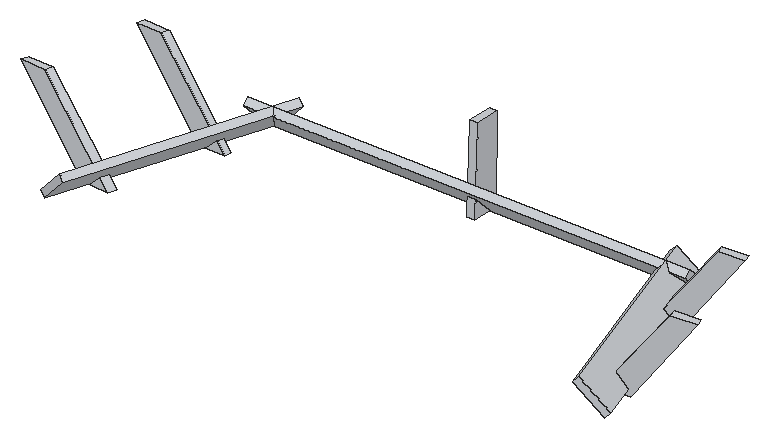
Revit family
Parameters
  chair_WIDTH = 680 mm
  chair_DEPTH = 830 mm
  aa_width_next [instance] = if(BOARD width * cos(TORSION_next) < 80 mm, 80 mm, BOARD width * cos(TORSION_next))  # 128.558 mm
  aa_width [instance] = if(BOARD width * cos(TORSION) < 80 mm, 80 mm, BOARD width * cos(TORSION))  # 141.421 mm
  aa_spine plane1 [instance] = (40 mm * sin(SLIDING xy) + 200 mm) * cos(SLIDING xy)  # 201.612 mm
  aa_real width [instance] = BOARD width * cos(TORSION)  # 141.421 mm
  aa_height [instance] = BOARD width * sin(TORSION)  # 141.421 mm
  TORSION_next [instance] = 5.00° * (MARKER + 1) + 10.00°  # 50.00°
  TORSION [instance] = 5.00° * (MARKER) + 10.00°  # 45.00°
  SLIDING xy_next [instance] = 10.00° * (1 + sin((MARKER + 1) * 60.00°))  # 18.6603°
  SLIDING xy [instance] = 10.00° * (1 + sin((MARKER) * 60.00°))  # 18.6603°
  OFFSET_lat_next [instance] = 2 mm * (MARKER + 1) ^ 3  # 1024 mm
  OFFSET_lat [instance] = 2 mm * MARKER ^ 3  # 686 mm
  OFFSET_back_next [instance] = 20 mm * (MARKER + 1)  # 160 mm
  OFFSET_back [instance] = 20 mm * MARKER  # 140 mm
  MARKER [instance] = 7
  HEIGHT_next [instance] = 30 mm * (MARKER + 1) ^ 2  # 1920 mm
  HEIGHT [instance] = 30 mm * MARKER ^ 2  # 1470 mm
  BOARD width [instance] = 200 mm
Reference planes
  plane 1 "Centro (Fronte/Retro)": y = 0
  plane 2: z = 0
  plane 3 "Centro (Sinistra/Destra)": x = 0
  plane 4: x = 680
  plane 5: y = -830
  plane 6: through (0, 0, 1200) normal (0.9474, -0.32, 0)
  plane 7: through (680, 0, 1200) normal (0.9474, 0.32, 0)
  plane 8 "left boundary": through (-622.656, 300.276, 1200) normal (0.9474, -0.32, 0)
  plane 9 "right boundary": through (1304.181, 295.762, 1200) normal (0.9474, 0.32, 0)
  plane 10 "back boundary": y = 140
  plane 11: x = 340
  plane 12 "rib base": z = 1470
  plane 13: z = 1611.421
  plane 14: y = 281.421
  plane 15 "spine plane1": y = -628.388
  plane 16 "rib +1": z = 1920
  plane 17 "testa spine": through (-809.298, -127.376, 1200) normal (0.9474, -0.32, 0)
  plane 18 "real spine plane": through (-123.045, -628.184, 1200) normal (-0.0523, -0.9986, 0)
  plane 19: through (0, 0, 1200) normal (0.9474, -0.32, 0)
  plane 20: through (-922.487, 468.833, 1200) normal (0.9474, -0.32, 0)
  plane 21: through (-1321.844, -525.302, 1200) normal (0.0523, 0.9986, 0)
  plane 22: y = -40
  plane 23: through (2001.844, -525.302, 1200) normal (0.0523, -0.9986, 0)
  plane 24: through (803.045, -628.184, 1200) normal (-0.0523, 0.9986, 0)
  plane 25: through (1141.066, 903.783, 1200) normal (0.9474, 0.32, 0)
  plane 26: through (680, 0, 1200) normal (0.9474, 0.32, 0)
  plane 27: through (1530.279, 682.651, 1200) normal (0.9474, 0.32, 0)
  plane 28: through (-92.245, -40.472, 1200) normal (-0.0523, -0.9986, 0)
  plane 29: through (-1009.261, -32.468, 1200) normal (0.0523, 0.9986, 0)
  plane 30: through (772.245, -40.472, 1200) normal (-0.0523, 0.9986, 0)
  plane 31: through (1689.261, -32.468, 1200) normal (0.0523, -0.9986, 0)
  plane 32: y = 160
  plane 33: y = 288.558
  plane 34: through (1248.575, 1027.438, 1200) normal (0.9474, 0.32, 0)
  plane 35: through (-1016.423, -423.718, 1200) normal (0.9474, -0.32, 0)
  plane 36: through (1283.638, 798.594, 600) normal (0.9474, 0.32, 0)
  plane 37: y = 281.421
Forms (mm)
  Extrusion 1, void
    sketch origin (0, 0, 0) x (1, 0, 0) y (0, 1, 0)
      loop
        line (-676.783, 140) -> (1356.783, 140) -> (1684.36, -830) -> (1818.347, -784.751) -> (1458.292, 281.421) -> (-778.292, 281.421) -> (-1138.347, -784.751) -> (-1004.36, -830) -> (-676.783, 140)
    from 0 to 1470
  Blend 2, solid
    base sketch origin (0, 0, 1470) x (-1, 0, 0) y (0, -1, 0)
      loop
        line (1096.929, 537.09) -> (1110.221, 576.448) -> (963.549, 584.135) -> (950.257, 544.776) -> (1096.929, 537.09)
    top sketch origin (0, 0, 1470) x (-1, 0, 0) y (0, -1, 0)
      loop
        line (1447.429, 558.776) -> (1314.098, 565.763) -> (1300.806, 526.405) -> (1434.137, 519.417) -> (1447.429, 558.776)
    from 0 to 450
  Blend 3, solid
    base sketch origin (0, 0, 1470) x (-1, 0, 0) y (0, -1, 0)
      loop
        line (927.953, 36.729) -> (781.281, 44.416) -> (779.188, 4.47) -> (914.662, -2.629) -> (927.953, 36.729)
    top sketch origin (0, 0, 1470) x (-1, 0, 0) y (0, -1, 0)
      loop
        line (1251.87, -20.302) -> (1265.161, 19.057) -> (1131.831, 26.044) -> (1118.539, -13.314) -> (1251.87, -20.302)
    from 0 to 450
  Blend 4, solid
    base sketch origin (0, 0, 1470) x (-1, 0, 0) y (0, -1, 0)
      loop
        line (-320, -321.421) -> (-320, -180) -> (-360, -180) -> (-360, -321.421) -> (-320, -321.421)
    top sketch origin (0, 0, 1470) x (-1, 0, 0) y (0, -1, 0)
      loop
        line (-320, -328.558) -> (-320, -200) -> (-360, -200) -> (-360, -328.558) -> (-320, -328.558)
    from 0 to 450
  Blend 5, solid
    base sketch origin (0, 0, 1470) x (-1, 0, 0) y (0, -1, 0)
      loop
        line (-1630.257, 544.776) -> (-1643.549, 584.135) -> (-1790.221, 576.448) -> (-1776.929, 537.09) -> (-1630.257, 544.776)
    top sketch origin (0, 0, 1470) x (-1, 0, 0) y (0, -1, 0)
      loop
        line (-1980.806, 526.405) -> (-1994.098, 565.763) -> (-2127.429, 558.776) -> (-2114.137, 519.417) -> (-1980.806, 526.405)
    from 0 to 450
  Blend 6, solid
    base sketch origin (0, 0, 1470) x (-1, 0, 0) y (0, -1, 0)
      loop
        line (-1447.989, 5.057) -> (-1461.281, 44.416) -> (-1607.953, 36.729) -> (-1594.662, -2.629) -> (-1447.989, 5.057)
    top sketch origin (0, 0, 1470) x (-1, 0, 0) y (0, -1, 0)
      loop
        line (-1945.161, 19.057) -> (-1931.87, -20.302) -> (-1798.539, -13.314) -> (-1811.831, 26.044) -> (-1945.161, 19.057)
    from 0 to 450
  Extrusion 7, void
    sketch origin (0, 0, 1470) x (-1, 0, 0) y (0, -1, 0)
      loop
        line (1138.347, 784.751) -> (1177.833, 901.674) -> (1043.846, 946.922) -> (1004.36, 830) -> (1138.347, 784.751)
    from 0 to 141.421
  Extrusion 8, void
    sketch origin (0, 0, 1920) x (-1, 0, 0) y (0, -1, 0)
      loop
        line (-1684.36, 830) -> (-1723.846, 946.922) -> (-1857.833, 901.674) -> (-1818.347, 784.751) -> (-1684.36, 830)
    from -450 to -308.579
  Extrusion 9, void
    sketch origin (-1004.36, -830, 1470) x (0.947432, -0.319956, 0) y (0, 0, -1)
      loop
        line (-141.421, 0) -> (0, -141.421) -> (0, 0) -> (-141.421, 0)
    from 0 to 1173.088
  Extrusion 10, void
    sketch origin (0, 0, 0) x (0, 1, 0) y (0, 0, 1)
      loop
        line (140, 1470) -> (281.421, 1470) -> (140, 1611.421) -> (140, 1470)
    from -826.051 to 1506.051
  Extrusion 11, solid
    sketch origin (0, 281.421, 1470) x (0, -0.707107, 0.707107) y (-1, 0, 0)
      loop
        line (200, 826.051) -> (0, 826.051) -> (0, -1506.051) -> (200, -1506.051) -> (200, 826.051)
    from 0 to -40
  Extrusion 12, void
    sketch origin (1684.36, -830, 1920) x (-0.947432, -0.319956, 0) y (0, 0, 1)
      loop
        line (-141.421, -450) -> (0, -450) -> (0, -308.579) -> (-141.421, -450)
    from 0 to 1173.088
  Extrusion 13, solid
    sketch origin (1818.347, -784.751, 1470) x (-0.669936, -0.226243, 0.707107) y (-0.319956, 0.947432, 0)
      loop
        line (200, 0) -> (200, 1173.088) -> (0, 1173.088) -> (0, 0) -> (200, 0)
    from 0 to -40
  Extrusion 14, solid
    sketch origin (-1138.347, -784.751, 1470) x (0.669936, -0.226243, 0.707107) y (-0.319956, -0.947432, 0)
      loop
        line (200, 0) -> (0, 0) -> (0, -1173.088) -> (200, -1173.088) -> (200, 0)
    from 0 to -40
Lines and regions (mm)
  reference lines
    curve 1: line (-1004.36, -830, 0) -> (-1629.666, -618.829, 0)
    curve 2: line (-1138.347, -784.751, 0) -> (-52.868, 2429.498, 0)
    curve 3: line (1684.36, -830, 0) -> (2158.076, -670.022, 0)
    curve 4: line (1818.347, -784.751, 0) -> (1555.124, -5.312, 0)
    curve 5: line (-1176.245, -771.953, 0) -> (-111.766, 2380.113, 0)
    curve 6: line (-629.024, 281.421, 1470) -> (-839.725, 352.577, 1470)
    curve 7: line (-1117.932, 15.112, 1920) -> (-1355.745, -689.084, 1920)
    curve 8: line (-1212.471, 136.966, 1920) -> (-1488.019, -678.969, 1920)
    curve 17: line (1309.024, 281.421, 1470) -> (1612.202, 383.807, 1470)
    curve 18: line (1630.257, -544.776, 1470) -> (1159.578, -569.444, 1470)
    curve 19: line (1008.673, -617.407, 1470) -> (1161.672, -609.389, 1470)
    curve 20: line (1758.497, 131.885, 1920) -> (2058.408, -756.192, 1920)
    curve 21: line (1833.284, 312.226, 1920) -> (2191.839, -749.501, 1920)
    curve 22: line (758.875, -590.443, 1920) -> (1123.375, -571.341, 1920)
    curve 23: line (1135.455, -610.763, 1920) -> (815.893, -627.51, 1920)
    curve 24: line (-482.168, -60.091, 1470) -> (-781.281, -44.416, 1470)
    curve 25: line (-781.281, -44.416, 1470) -> (-779.188, -4.47, 1470)
    curve 26: line (-779.188, -4.47, 1470) -> (-469.372, -20.707, 1470)
    curve 27: line (-240.722, -72.745, 1920) -> (-799.954, -43.437, 1920)
    curve 28: line (-697.998, -8.725, 1920) -> (-258.601, -31.753, 1920)
    curve 29: line (922.146, -32.616, 1920) -> (1171.803, -19.532, 1920)
    curve 30: line (1173.897, -59.477, 1920) -> (934.226, -72.037, 1920)
    curve 31: line (320, 444.904, 1470) -> (320, 26.687, 1470)
    curve 32: line (360, 444.904, 1470) -> (360, 66.687, 1470)
    curve 33: line (149.371, 321.421, 1470) -> (484.254, 321.421, 1470)
    curve 34: line (204.49, 180, 1470) -> (424.49, 180, 1470)
    curve 35: line (165.953, 328.558, 1920) -> (505.953, 328.558, 1920)
    curve 36: line (224.139, 200, 1920) -> (444.139, 200, 1920)
    curve 37: line (-826.051, 140, 1470) -> (-826.051, 234.46, 1470)
    curve 38: line (1506.051, 140, 1470) -> (1506.051, 239.46, 1470)
  model lines
    curve 9: line (-1434.137, -519.417, 1920) -> (-1300.806, -526.405, 1920)
    curve 10: line (-1447.429, -558.776, 1920) -> (-1434.137, -519.417, 1920)
    curve 11: line (-1314.098, -565.763, 1920) -> (-1447.429, -558.776, 1920)
    curve 12: line (-1300.806, -526.405, 1920) -> (-1314.098, -565.763, 1920)
    curve 13: line (-1096.929, -537.09, 1470) -> (-950.257, -544.776, 1470)
    curve 14: line (-1110.221, -576.448, 1470) -> (-1096.929, -537.09, 1470)
    curve 15: line (-963.549, -584.135, 1470) -> (-1110.221, -576.448, 1470)
    curve 16: line (-950.257, -544.776, 1470) -> (-963.549, -584.135, 1470)
Dimensions and locks
  "chair_WIDTH": plane 3 "Centro (Sinistra/Destra)" to plane 4
  "chair_DEPTH": plane 1 "Centro (Fronte/Retro)" to plane 5
  equal spacing: plane 3 "Centro (Sinistra/Destra)", plane 11, plane 4
  "OFFSET_lat": plane 6 to plane 8 "left boundary"
  "OFFSET_lat": plane 9 "right boundary" to plane 7
  "OFFSET_back": plane 1 "Centro (Fronte/Retro)" to plane 10 "back boundary"
  "aa_width": plane 8 "left boundary" to curve 2
  "aa_width": curve 4 to plane 9 "right boundary"
  "HEIGHT": plane 12 "rib base" to level
  "aa_height": plane 13 to plane 12 "rib base"
  curve 2 to curve 5 = 40 mm
  "aa_width": plane 14 to plane 10 "back boundary"
  "aa_spine plane1": plane 15 "spine plane1" to plane 5
  "HEIGHT_next": plane 16 "rib +1" to plane 2
  plane 8 "left boundary" to plane 17 "testa spine" = 40 mm
  "OFFSET_lat_next": plane 19 to plane 20
  plane 18 "real spine plane" to plane 21 = 40 mm
  plane 20 to curve 7 = 40 mm
  "aa_width_next": curve 8 to curve 7
  plane 22 to plane 1 "Centro (Fronte/Retro)" = 40 mm
  plane 25 to plane 9 "right boundary" = 40 mm
  "OFFSET_lat_next": plane 27 to plane 26
  curve 20 to plane 27 = 40 mm
  "aa_width_next": curve 20 to curve 21
  locked: plane 29 to plane 28 at 40
  curve 34 to plane 10 "back boundary" = 40 mm
  plane 14 to curve 33 = 40 mm
  curve 31 to plane 11 to curve 32 = 20 mm, 20 mm
  "OFFSET_back_next": plane 1 "Centro (Fronte/Retro)" to plane 32
  "aa_width_next": plane 33 to plane 32
  curve 35 to plane 33 = 40 mm
  curve 36 to plane 32 = 40 mm
  "aa_width": plane 34 to plane 25
  "aa_real width": plane 8 "left boundary" to plane 35
  "aa_real width": plane 36 to plane 9 "right boundary"
  "aa_real width": plane 37 to plane 10 "back boundary"
  "SLIDING xy": angle plane 6 to plane 3 "Centro (Sinistra/Destra)"
  "SLIDING xy": angle plane 4 to plane 7
  "SLIDING xy": angle plane 11 to plane 9 "right boundary"
  "SLIDING xy": angle plane 8 "left boundary" to plane 11
  "SLIDING xy": angle curve 1 to plane 5
  "SLIDING xy": angle plane 5 to curve 3
  "SLIDING xy": angle curve 6 to plane 14
  "SLIDING xy_next": angle plane 19 to plane 3 "Centro (Sinistra/Destra)"
  "SLIDING xy": angle plane 14 to curve 17
  "SLIDING xy_next": angle plane 4 to plane 26
  aligned and locked: Extrusion 1 sketch curve to plane 8 "left boundary"
  aligned and locked: Extrusion 1 sketch curve to curve 1
  aligned and locked: Extrusion 1 sketch curve to curve 2
  aligned and locked: Extrusion 1 sketch curve to plane 10 "back boundary"
  aligned and locked: Extrusion 1 sketch curve to plane 9 "right boundary"
  aligned and locked: Extrusion 1 sketch curve to curve 4
  aligned and locked: Extrusion 1 sketch curve to curve 3
  aligned and locked: Extrusion 1 to plane 12 "rib base"
  aligned and locked: Extrusion 1 sketch curve to plane 14
  aligned and locked: curve 10 to curve 8
  aligned and locked: curve 9 to plane 21
  aligned and locked: curve 7 to curve 12
  aligned and locked: curve 11 to plane 18 "real spine plane"
  aligned and locked: curve 16 to plane 17 "testa spine"
  aligned and locked: curve 5 to curve 14
  aligned and locked: curve 13 to plane 21
  aligned and locked: curve 15 to plane 18 "real spine plane"
  aligned and locked: Blend 2 sketch curve to curve 13
  aligned and locked: Blend 2 sketch curve to curve 15
  aligned and locked: Blend 2 sketch curve to curve 16
  aligned and locked: Blend 2 sketch curve to curve 14
  aligned and locked: Blend 2 sketch curve to curve 10
  aligned and locked: Blend 2 sketch curve to curve 9
  aligned and locked: Blend 2 sketch curve to curve 12
  aligned and locked: Blend 2 sketch curve to curve 11
  aligned and locked: curve 5 to Blend 3 sketch curve
  aligned and locked: Blend 3 sketch curve to curve 28  (x2)
  aligned and locked: Blend 3 sketch curve to curve 25
  aligned and locked: curve 27 to Blend 3 sketch curve  (x2)
  aligned and locked: curve 8 to Blend 3 sketch curve
  aligned and locked: curve 7 to Blend 3 sketch curve
  aligned and locked: curve 31 to Blend 4 sketch curve  (x2)
  aligned and locked: curve 33 to Blend 4 sketch curve
  aligned and locked: curve 32 to Blend 4 sketch curve  (x2)
  aligned and locked: curve 34 to Blend 4 sketch curve
  aligned and locked: curve 35 to Blend 4 sketch curve
  aligned and locked: curve 36 to Blend 4 sketch curve
  aligned and locked: Blend 5 sketch curve to curve 18
  aligned and locked: curve 19 to Blend 5 sketch curve
  aligned and locked: Blend 5 sketch curve to plane 34
  aligned and locked: Blend 5 sketch curve to plane 25
  aligned and locked: curve 20 to Blend 5 sketch curve
  aligned and locked: Blend 5 sketch curve to plane 23
  aligned and locked: plane 24 to Blend 5 sketch curve
  aligned and locked: curve 21 to Blend 5 sketch curve
  aligned and locked: plane 30 to Blend 6 sketch curve  (x2)
  aligned and locked: plane 31 to Blend 6 sketch curve
  aligned and locked: Blend 6 sketch curve to plane 25
  aligned and locked: Blend 6 sketch curve to plane 34
  aligned and locked: Blend 6 sketch curve to plane 31
  aligned and locked: curve 21 to Blend 6 sketch curve
  aligned and locked: curve 20 to Blend 6 sketch curve
  aligned and locked: plane 16 "rib +1" to Blend 3
  aligned and locked: plane 16 "rib +1" to Blend 2
  aligned and locked: plane 16 "rib +1" to Blend 4
  aligned and locked: Blend 5 to plane 16 "rib +1"
  aligned and locked: Blend 6 to plane 16 "rib +1"
  aligned and locked: Extrusion 7 sketch curve to plane 35
  aligned and locked: Extrusion 7 sketch curve to plane 8 "left boundary"
  aligned and locked: Extrusion 7 sketch curve to curve 1
  aligned and locked: plane 13 to Extrusion 7
  aligned and locked: Extrusion 7 to Extrusion 1
  aligned and locked: Extrusion 8 sketch curve to plane 9 "right boundary"
  aligned and locked: Extrusion 8 sketch curve to curve 3
  aligned and locked: Extrusion 8 sketch curve to plane 36
  aligned and locked: Extrusion 8 to Extrusion 1
  aligned and locked: Extrusion 8 to plane 13
  aligned and locked: Extrusion 9 to curve 6
  aligned and locked: plane 10 "back boundary" to Extrusion 10 sketch curve
  aligned and locked: plane 12 "rib base" to Extrusion 10 sketch curve
  aligned and locked: Extrusion 10 to curve 38
  aligned and locked: Extrusion 10 to curve 37
  aligned and locked: Extrusion 11 sketch curve to Extrusion 10  (x4)
  aligned and locked: Extrusion 12 to curve 17
  aligned and locked: Extrusion 13 sketch curve to Extrusion 12  (x4)
  aligned and locked: Extrusion 14 sketch curve to Extrusion 9  (x4)
Automatic sketch dimensions
  curve 1 to plane 5 = 0 mm
  curve 1 to plane 8 "left boundary" = 0 mm
  curve 3 to plane 5 = 0 mm
  curve 3 to plane 9 "right boundary" = 0 mm
  curve 5 to plane 3 "Centro (Sinistra/Destra)" = 111.766 mm
  curve 2 to plane 3 "Centro (Sinistra/Destra)" = 52.868 mm
  plane 1 "Centro (Fronte/Retro)" to curve 4 = 5.312 mm
  curve 18 to plane 23 = 0 mm  (x2)
  curve 18 to plane 25 = 0 mm
  curve 17 to plane 9 "right boundary" = 0 mm
  curve 17 to plane 14 = 0 mm
  curve 6 to plane 8 "left boundary" = 0 mm
  curve 6 to plane 14 = 0 mm
  curve 26 to plane 28 = 0 mm  (x2)
  curve 25 to plane 17 "testa spine" = 0 mm
  curve 24 to plane 29 = 0 mm
  curve 33 to plane 11 = 144.254 mm
  curve 34 to plane 11 = 84.49 mm
  curve 31 to plane 1 "Centro (Fronte/Retro)" = 26.687 mm
  plane 11 to curve 34 = 135.51 mm
  curve 31 to curve 33 = 170.629 mm
  curve 26 to plane 22 = 19.293 mm
  plane 22 to curve 24 = 20.091 mm
  curve 31 to curve 33 = 123.482 mm
  curve 32 to curve 31 = 0 mm
  curve 32 to plane 1 "Centro (Fronte/Retro)" = 66.687 mm
  curve 19 to plane 24 = 0 mm  (x2)
  plane 15 "spine plane1" to curve 18 = 58.945 mm
  plane 15 "spine plane1" to curve 19 = 18.999 mm
  plane 15 "spine plane1" to curve 19 = 10.981 mm
  Extrusion 7 sketch curve to plane 5 = 71.674 mm
  Extrusion 8 sketch curve to plane 5 = 71.674 mm
  Extrusion 9 sketch curve to Extrusion 7 = 0 mm  (x4)
  curve 30 to plane 31 = 0 mm  (x2)
  curve 21 to plane 18 "real spine plane" = 0 mm
  curve 29 to plane 30 = 0 mm  (x2)
  curve 23 to plane 24 = 0 mm  (x2)
  curve 22 to plane 23 = 0 mm  (x2)
  curve 27 to plane 29 = 0 mm  (x2)
  curve 28 to plane 28 = 0 mm  (x2)
  plane 22 to curve 30 = 19.477 mm
  plane 1 "Centro (Fronte/Retro)" to curve 29 = 19.532 mm
  plane 15 "spine plane1" to curve 23 = 17.625 mm
  plane 15 "spine plane1" to curve 22 = 57.047 mm
  plane 33 to curve 21 = 23.668 mm
  plane 5 to curve 20 = 73.808 mm
  plane 22 to curve 30 = 32.037 mm
  curve 29 to plane 22 = 7.384 mm
  curve 20 to plane 10 "back boundary" = 8.115 mm
  plane 15 "spine plane1" to curve 23 = 0.878 mm
  plane 15 "spine plane1" to curve 22 = 37.945 mm
  curve 35 to plane 11 = 165.953 mm
  curve 36 to plane 11 = 104.139 mm
  plane 11 to curve 36 = 115.861 mm
  plane 3 "Centro (Sinistra/Destra)" to curve 35 = 165.953 mm
  curve 7 to plane 1 "Centro (Fronte/Retro)" = 15.112 mm
  plane 22 to curve 27 = 32.745 mm
  curve 28 to plane 22 = 8.247 mm
  curve 7 to plane 15 "spine plane1" = 60.696 mm
  curve 8 to plane 10 "back boundary" = 3.034 mm
  curve 8 to plane 15 "spine plane1" = 50.581 mm
  plane 1 "Centro (Fronte/Retro)" to curve 28 = 8.725 mm
  plane 22 to curve 27 = 3.437 mm
  curve 38 to plane 10 "back boundary" = 0 mm
  curve 38 to plane 36 = 0 mm
  curve 38 to plane 14 = 41.962 mm
  curve 37 to plane 10 "back boundary" = 0 mm
  curve 37 to plane 35 = 0 mm
  curve 37 to plane 14 = 46.962 mm
  Extrusion 10 sketch curve to plane 14 = 0 mm
  Extrusion 10 sketch curve to plane 13 = 0 mm
  Extrusion 12 sketch curve to Extrusion 8 = 0 mm  (x4)
